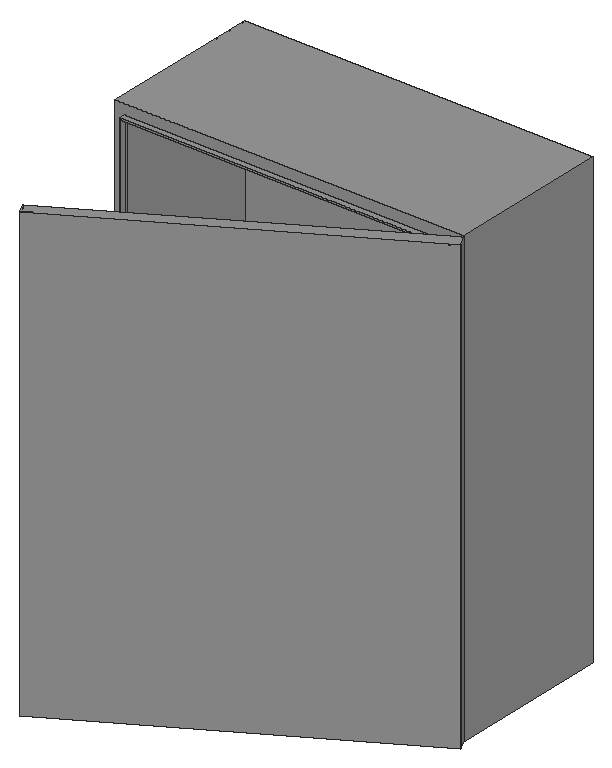
Revit family "Hager-Orion_Inox-IP65-D250-Cl.I-Inox_encl-630A-650mm-NoHosted-IT-it", category Equipement électrique, Revit 2020
Family settings
  Configuration du panneau = Deux colonnes, circuits au sein
  Cote de connecteur circulaire = Utiliser le diamètre
  Type d'élément = Tableau de raccordement
  Basée sur le plan de construction = Oui
  Toujours verticalement = Oui
  Couper avec des vides une fois chargée = Non
  Partagée = Non
  Point de calcul de pièce = Non
Parameters (values of type "incassato IP65 L500 A650 P250  - FL721BW")
  Width Control [instance] = if([EF000008 - Larghezza] > Min Width, [EF000008 - Larghezza], Min Width)  # 500 mm
  Commentaires du type = [HG000003 - Gamma]  # "Orion Inox"
  Thickness Door [instance] = if([EF009171 - spessore materiale porta/coperchio] > 3 mm, 3 mm, [EF009171 - spessore materiale porta/coperchio])  # 1.5 mm
  Seal Frame Offset [instance] = 17 mm  # constant formula
  Min Width [instance] = 100 mm  # constant formula
  Min Depth [instance] = (2 * [EF009170 - spessore materiale scatola]) + 1 mm  # 3.4 mm
  Min Height [instance] = 100 mm  # constant formula
  Internal Frame Depth [instance] = -(Door System Depth * 0.5)  # -9 mm
  Panel Name [instance] = ""  # (empty or 0)
  Model = ""
  HG000027 - Altezza dello zoccolo = 0 mm
  HG000026 - A pavimento = no
  HG000024 - Altezza della sezione inferiore = 600 mm
  HG000023 - Custodia a doppia sezione = no
  HG000016 - Visibilità delle porte nella vista 3D [instance] = yes
  HG000015 - Visibilità attraverso la porta [instance] = no
  HG000014 - Porta destra [instance] = yes
  HG000013 - Porta sinistra [instance] = not([HG000014 - Porta destra])  # no
  HG000012 - Angolo di apertura della porta [instance] = 30.00°
  HG000010 - Porte asimmetriche = no
  HG000009 - Porta doppia a battente = no
  HG000006 - Ad incasso = yes
  HG000004 - Codice produttore = "FL721BW"
  HG000003 - Gamma = "Orion Inox"
  HG000002 - Con porta = yes
  Frame Offset Bottom [instance] = 10 mm  # constant formula
  Frame Offset [instance] = 15 mm  # constant formula
  EF015940 - Coprire con rilascio di sovrapressione = no
  EF011959 - tipo di protezione (NEMA) = ""
  EF009554 - numero delle aperture per la piastra della flangia = 2
  EF009212 - esecuzione coperchio = "EV009916 - con taglio"
  EF009171 - spessore materiale porta/coperchio = 1.5 mm
  EF009170 - spessore materiale scatola = 1.2 mm
  EF008873 - corrente nominale (In) = 630 A
  EF007800 - adatto per parafulmine = no
  EF006306 - con serratura = yes
  EF006244 - coperchio/porta trasparente = no
  EF005474 - grado di protezione (IP) = "EV006421 - IP65"
  EF004464 - tipo di porta = "EV002646 - singolo"
  EF004427 - numero di moduli = 0
  EF004293 - resistenza agli urti = "EV008784 - IK10"
  EF003532 - adatto per uso esterno = yes
  EF002950 - Numero moduli DIN = 0
  EF001613 - Integrità del circuito = ""
  EF001596 - Attacco Lampada = "EV000166 - acciaio inossidabile"
  EF001131 - profondità interna = 250 mm
  EF001088 - possibilità di applicazione = no
  EF000437 - numero di ingressi per conduttori = 2
  EF000339 - tipo di copertura = "EV004216 - porta"
  EF000266 - numero di file = 0
  EF000218 - profondità di incasso = 0 mm
  EF000118 - con piastra di montaggio = yes
  EF000116 - numero RAL = ""
  EF000049 - profondità = 250 mm
  EF000040 - Altezza = 650 mm
  EF000008 - Larghezza = 500 mm
  EF000007 - colore = "EV000154 - altri"
  EF000003 - Tipo di montaggio = "EV001247 - apparente/incassato"
  Door System Leaf Tolerance [instance] = 1.5 mm  # constant formula
  Door System Depth [instance] = 18 mm  # constant formula
  Description = ""
  Default Elevation = 1219.2 mm
  Connector Offset [instance] = Height Control / 2  # 325 mm
  Fabricant = "Hager"  # constant formula
  Height Control [instance] = if([EF000040 - Altezza] > Min Height, [EF000040 - Altezza], Min Height)  # 650 mm
  Depth Control [instance] = if([EF000049 - profondità] > Min Depth, [EF000049 - profondità], Min Depth)  # 250 mm
Types (2, lengths in mm): name | HG000006 - Ad incasso
  apparente IP65 L500 A650 P250  - FL721BW | no
  incassato IP65 L500 A650 P250  - FL721BW | yes
Reference planes
  plane 1 "Center (Front/Back)": y = 0
  plane 2: z = 0
  plane 3 "Center (Left/Right)": x = 0
  plane 4: y = 0
  plane 5: y = 0
  plane 6: z = 0
  plane 7: x = -250
  plane 8: x = 250
  plane 9: x = 248.8
  plane 10: x = -248.8
  plane 11: z = 0
  plane 12: z = 1.2
  plane 13: y = -250
  plane 14: y = -1.2
  plane 15: x = 0
  plane 16: y = -232
  plane 17: y = -248.8
  plane 18: y = -230.8
  plane 19: x = -233.8
  plane 20: x = 233.8
  plane 21: z = 11.2
  plane 22: x = -233
  plane 23: x = 233
  plane 24: z = 0
  plane 25: z = 650
  plane 26: z = 650
  plane 27: z = 633.8
  plane 28: z = 648.8
Forms (mm)
  Extrusion 1, solid, material "Hager_Stainless_Steel", detail levels medium+fine
    sketch origin (-208.679, -4572, 0) x (-1, 0, 0) y (0, -1, 0)
      loop
        line (41.321, -4340) -> (-458.679, -4340) -> (-458.679, -4572) -> (41.321, -4572) -> (41.321, -4340)
    from 0 to 650
  Extrusion 2, void
    sketch origin (-350.771, -250, 1219.2) x (1, 0, 0) y (0, 0, 1)
      loop
        line (101.971, -570.4) -> (101.971, -1218) -> (599.571, -1218) -> (599.571, -570.4) -> (101.971, -570.4)
    from -19.2 to -248.8
  Extrusion 3, void
    sketch origin (-290.084, -232, 1219.2) x (1, 0, 0) y (0, 0, 1)
      loop
        line (56.284, -1208) -> (523.884, -1208) -> (523.884, -585.4) -> (56.284, -585.4) -> (56.284, -1208)
    from 0 to -1.2
  Extrusion 4, solid, material "Hager_Stainless_Steel", detail levels fine
    sketch origin (-290.084, -232, 1219.2) x (-1, 0, 0) y (0, 0, 1)
      loop
        line (-523.884, -1208) -> (-56.284, -1208) -> (-56.284, -585.4) -> (-523.884, -585.4) -> (-523.884, -1208)
      loop
        line (-525.384, -1209.5) -> (-54.784, -1209.5) -> (-54.784, -583.9) -> (-525.384, -583.9) -> (-525.384, -1209.5)
    from 0 to -9 <- "Internal Frame Depth"
  Extrusion 5, solid, material "Hager_Stainless_Steel", detail levels coarse
    sketch origin (0, 0, 0) x (1, 0, 0) y (0, 1, 0)
      loop
        line (-250, 0) -> (-250, -250) -> (250, -250) -> (250, 0) -> (-250, 0)
    from 0 to 650 <- "Height Control"
Cuts and joins
  Extrusion 2, Extrusion 3 cuts Extrusion 1
Lines and regions (mm)
  Masking region 1
    outline origin (0, 0, 0) x (1, 0, 0) y (0, 1, 0)
      loop
        line (-250, 0) -> (-250, -250) -> (250, -250) -> (250, 0) -> (-250, 0)
  Masking region 2
    outline origin (-290.084, -232, 1219.2) x (-1, 0, 0) y (0, 0, 1)
      loop
        line (-540.084, -1219.2) -> (-40.084, -1219.2) -> (-40.084, -569.2) -> (-540.084, -569.2) -> (-540.084, -1219.2)
  Masking region 3, detail levels coarse
    outline origin (0, 0, 0) x (0, 1, 0) y (0, 0, 1)
      loop
        line (0, 0) -> (0, 650) -> (-250, 650) -> (-250, 0) -> (0, 0)
  Masking region 4, detail levels medium+fine
    outline origin (0, 0, 594.038) x (0, 1, 0) y (0, 0, 1)
      loop
        line (0, -594.038) -> (0, 55.962) -> (-232, 55.962) -> (-232, -594.038) -> (0, -594.038)
Dimensions and locks
  locked: plane 1 "Center (Front/Back)" to plane 5
  "EF009170 - spessore materiale scatola": plane 7 to plane 10
  "EF009170 - spessore materiale scatola": plane 8 to plane 9
  equal spacing: plane 7, plane 3 "Center (Left/Right)", plane 8
  "Width Control": plane 7 to plane 8
  "Depth Control": plane 4 to plane 13
  "EF009170 - spessore materiale scatola": plane 4 to plane 14
  "Height Control": plane 25 to level
  "EF009170 - spessore materiale scatola": plane 12 to plane 11
  "EF009170 - spessore materiale scatola": plane 17 to plane 13
  "EF009170 - spessore materiale scatola": plane 18 to plane 16
  "Frame Offset Bottom": plane 21 to plane 12
  "Frame Offset": plane 10 to plane 19
  "Frame Offset": plane 9 to plane 20
  "Door System Depth": plane 16 to plane 13
  "Seal Frame Offset": plane 7 to plane 22
  "Seal Frame Offset": plane 8 to plane 23
  "EF009170 - spessore materiale scatola": plane 26 to plane 28
  "Frame Offset": plane 28 to plane 27
  "Connector Offset": plane 2 to connector elem
  "Thickness Door": cut or joined group of Extrusion 1, Extrusion 2, Extrusion 3 to Extrusion 4 sketch curve
  "Thickness Door": Extrusion 4 sketch curve to plane 19
  "Thickness Door": Extrusion 4 sketch curve to plane 20
  "Thickness Door": Extrusion 4 sketch curve to plane 27
  aligned and locked: Extrusion 2 sketch curve to plane 12
  aligned and locked: Extrusion 2 sketch curve to plane 9
  aligned and locked: Extrusion 2 sketch curve to plane 10
  aligned and locked: plane 14 to Extrusion 2
  aligned and locked: plane 4 to Extrusion 1 sketch curve
  aligned and locked: plane 8 to Extrusion 1 sketch curve
  aligned and locked: plane 7 to Extrusion 1 sketch curve
  aligned and locked: Extrusion 2 to plane 18
  aligned and locked: Extrusion 3 sketch curve to plane 19
  aligned and locked: plane 20 to Extrusion 3 sketch curve
  aligned and locked: Extrusion 3 to Extrusion 2
  aligned and locked: Extrusion 3 sketch curve to plane 21
  aligned and locked: plane 3 "Center (Left/Right)" to nested 1
  aligned and locked: Extrusion 1 sketch curve to plane 16
  aligned and locked: Masking region 1 sketch curve to plane 7
  aligned and locked: Masking region 1 sketch curve to plane 5
  aligned and locked: Masking region 1 sketch curve to plane 8
  aligned and locked: Masking region 2 sketch curve to level
  aligned and locked: level to Masking region 3 sketch curve
  aligned and locked: plane 1 "Center (Front/Back)" to Masking region 3 sketch curve
  aligned and locked: plane 13 to Masking region 3 sketch curve
  aligned and locked: Masking region 2 sketch curve to plane 8
  aligned and locked: Masking region 2 sketch curve to plane 7
  aligned and locked: plane 7 to nested 2
  aligned and locked: nested 2 to plane 5
  aligned and locked: plane 5 to Masking region 4 sketch curve
  aligned and locked: plane 26 to Masking region 4 sketch curve
  aligned and locked: Extrusion 5 sketch curve to plane 8
  aligned and locked: Extrusion 5 sketch curve to plane 7
  aligned and locked: Extrusion 5 sketch curve to plane 5
  aligned and locked: Extrusion 3 sketch curve to plane 27
  aligned and locked: Extrusion 2 sketch curve to plane 28
  aligned and locked: Extrusion 4 sketch curve to plane 27
  aligned and locked: Extrusion 4 sketch curve to plane 20
  aligned and locked: Extrusion 4 sketch curve to plane 21
  aligned and locked: Extrusion 4 sketch curve to plane 19
  aligned and locked: Masking region 2 to plane 25
  aligned and locked: Masking region 4 sketch curve to plane 24
  aligned and locked: Masking region 1 to plane 13
  aligned and locked: nested 1 to plane 16
  aligned and locked: Masking region 3 to plane 25
  aligned and locked: Masking region 4 sketch curve to plane 16
  aligned and locked: plane 24 to plane 11
  aligned and locked: plane 26 to plane 25
  aligned and locked: level to plane 24
  aligned and locked: Extrusion 1 to Masking region 3
  aligned and locked: level to nested 1
Automatic sketch dimensions
  Extrusion 5 sketch curve to plane 13 = 0 mm
  plane 27 to Masking region 2 sketch curve = 16.2 mm
  plane 27 to Masking region 3 sketch curve = 16.2 mm
  Masking region 1 sketch curve to plane 13 = 0 mm
  Extrusion 3 sketch curve to plane 21 = 0 mm
  plane 19 to Extrusion 3 sketch curve = 0 mm
  Extrusion 3 sketch curve to plane 20 = 0 mm
Nested families
  nested 1: "EC000058_OrionInox_Door" at (0, -232, 0), Double <- "HG000009 - Porta doppia a battente", Transparent <- "EF006244 - coperchio/porta trasparente", Angle <- "HG000012 - Angolo di apertura della porta", Door_Right <- "HG000014 - Porta destra", Assymetrical <- "HG000010 - Porte asimmetriche", Door <- "HG000002 - Con porta", Width_Ctrl <- "Width Control", 3d_Door <- "HG000016 - Visibilità delle porte nella vista 3D", Clearance <- "HG000015 - Visibilità attraverso la porta", Door_Left <- "HG000013 - Porta sinistra", Width <- "Width Control", Door_Depth <- "Door System Depth", Leaf_Tolerance <- "Door System Leaf Tolerance", Height <- "Height Control", Thickness <- "Thickness Door", type "EC000058_OrionInox_Door", detail levels medium+fine
    with min_wh 4 mm, Width_Ctrl 500 mm, Width 500 mm, Transparent no, Thickness 1.5 mm, Seal_Material Hager_Rubber, Leaf_Width 500 mm, Leaf_Tolerance_External_Sides 0 mm, Leaf_Tolerance 1.5 mm, Leaf_Offset 0 mm, Leaf_Height 647 mm, Leaf_2_Width 500 mm, Leaf_2_Offset 250 mm, Leaf_1_Width 500 mm, Leaf_1_Offset 250 mm, Height_Ctrl 650 mm, Height 650 mm, Glass_Material Hager_Glass, Double_Clearance_Ctrl no, Double no, Door_Right_Ctrl yes, Door_Right yes, Door_Material Hager_Stainless_Steel, Door_Left_Ctrl no, Door_Left no, Door_Depth 18 mm, Door yes, Clearance_Material Hager_Clearance, Clearance_Depth 500 mm, Clearance_Ctrl no, Clearance no, Assymetrical no, Angle 30.00°, 3d_Door yes
  nested 2: "Hager_Enclosure_Symbol" at (-250, 0, 0), Height <- "Depth Control", Width <- "Width Control", type "Hager_Enclosure_Symbol"
    with Width_Ctrl 500 mm, Width 500 mm, Height_Ctrl 250 mm, Height 250 mm, A_Width_Int 16.406 mm, A_Width 196.875 mm, A_Height_Ctrl 218.75 mm, A_Height 218.75 mm
Connectors
  electrical at (0, 0, 325)
    settings: on plane 1 "Center (Front/Back)", index 1, voltage 0 V, apparent load 0 VA, apparent load phase1 0 VA, apparent load phase2 0 VA, apparent load phase3 0 VA, power factor 1, load classification "Other", number of poles 1, system type 30, power factor state 1, is connector primary yes, connector utility no, sub classification motor no, connector description ""
Definition of nested family "EC000058_OrionInox_Door"
  Parameters (values of type "EC000058_OrionInox_Door")
    min_wh [instance] = (2 * Thickness) + 1 mm  # 11 mm
    Width_Ctrl [instance] = 400 mm
    Width [instance] = 500 mm
    Transparent [instance] = yes
    Thickness [instance] = 5 mm
    Seal_Material [instance] = none
    Leaf_Width [instance] = if((Width_Ctrl - 2 * Leaf_Tolerance_External_Sides) > 0 mm, (Width_Ctrl - 2 * Leaf_Tolerance_External_Sides), min_wh)  # 400 mm
    Leaf_Tolerance_External_Sides [instance] = 0 mm  # constant formula
    Leaf_Tolerance [instance] = 1.5 mm
    Leaf_Offset [instance] = 0 mm  # constant formula
    Leaf_Height [instance] = if((Height_Ctrl - 2 * Leaf_Tolerance) > 0 mm, (Height_Ctrl - 2 * Leaf_Tolerance), min_wh)  # 497 mm
    Leaf_2_Width [instance] = if(and(and(Double, Assymetrical), Door_Left), (Leaf_Width / 3) - (Leaf_Tolerance / 2), if(and(and(Double, Assymetrical), Door_Right), (Leaf_Width / 3) * 2 - (Leaf_Tolerance / 2), if(and(Double, not(Assymetrical)), (Leaf_Width / 2) - Leaf_Tolerance, Leaf_Width)))  # 400 mm
    Leaf_2_Offset [instance] = if(and(Double, Assymetrical), Leaf_2_Width / 2, if(and(Double, not(Assymetrical)), Leaf_Width / 4, Leaf_Width / 2))  # 200 mm
    Leaf_1_Width [instance] = if(and(and(Double, Assymetrical), Door_Right), (Leaf_Width / 3) - (Leaf_Tolerance / 2), if(and(and(Double, Assymetrical), Door_Left), (Width / 3) * 2 - (Leaf_Tolerance / 2), if(and(Double, not(Assymetrical)), (Leaf_Width / 2) - Leaf_Tolerance, Leaf_Width)))  # 400 mm
    Leaf_1_Offset [instance] = if(and(Double, Assymetrical), Leaf_1_Width / 2, if(and(Double, not(Assymetrical)), Leaf_Width / 4, Leaf_Width / 2))  # 200 mm
    Height_Ctrl [instance] = if(Height > min_wh, Height, min_wh)  # 500 mm
    Height [instance] = 500 mm
    Glass_Material [instance] = none
    Double_Clearance_Ctrl [instance] = and(Double, Clearance)  # no
    Double [instance] = no
    Door_Right_Ctrl [instance] = and(or(Door_Right, Double), Door)  # yes
    Door_Right [instance] = yes
    Door_Material [instance] = none
    Door_Left_Ctrl [instance] = and(or(Door_Left, Double), Door)  # no
    Door_Left [instance] = no
    Door_Depth [instance] = 30 mm
    Door [instance] = yes
    Default Elevation = 1219.2 mm
    Clearance_Material [instance] = none
    Clearance_Depth [instance] = if(Leaf_1_Width > Leaf_2_Width, Leaf_1_Width, Leaf_2_Width)  # 400 mm
    Clearance_Ctrl [instance] = and(not(Double), Clearance)  # yes
    Clearance [instance] = yes
    Assymetrical [instance] = yes
    Angle [instance] = 30.00°
    3d_Door [instance] = yes
  Reference planes
    plane 1 "Center (Front/Back)": y = 0
    plane 2 "Bottom": z = 0
    plane 3 "Center (Left/Right)": x = 0
    plane 4: z = 500
    plane 5: x = -200
    plane 6: x = 200
    plane 7: z = 500
    plane 8: x = -200
    plane 9: z = 0
    plane 10: x = 200
    plane 11: y = 0
    plane 12: z = 1.5
    plane 13: x = -600
    plane 14: y = -400
    plane 15: x = 600
    plane 16: x = 0
    plane 17: x = 0
    plane 18: x = -200
    plane 19: x = 200
    plane 20: z = 498.5
  Forms (mm)
    Extrusion 1, solid, material <- "Clearance_Material", visible <- "Double_Clearance_Ctrl"
      sketch origin (1200, 0, 0) x (1, 0, 0) y (0, 0, -1)
        loop
          line (-1800, -498.5) -> (-600, -498.5) -> (-600, 0) -> (-1800, 0) -> (-1800, -498.5)
      from 0 to -400
  Dimensions and locks
    equal spacing: plane 5, plane 3 "Center (Left/Right)", plane 6
    "Width_Ctrl": plane 5 to plane 6
    "Leaf_Offset": plane 5 to plane 8
    "Leaf_Offset": plane 6 to plane 10
    "Leaf_Offset": plane 9 to level
    "Leaf_Offset": plane 4 to plane 7
    "Height_Ctrl": plane 4 to level
    "Leaf_Tolerance": plane 12 to plane 9
    locked: plane 11 to plane 1 "Center (Front/Back)"
    "Leaf_1_Offset": plane 18 to plane 16
    "Leaf_2_Offset": plane 17 to plane 19
    "Leaf_1_Width": plane 13 to plane 8
    "Leaf_2_Width": plane 10 to plane 15
    "Clearance_Depth": plane 14 to plane 1 "Center (Front/Back)"
    "Leaf_Tolerance_External_Sides": plane 8 to plane 18
    "Leaf_Tolerance_External_Sides": plane 19 to plane 10
    "Leaf_Tolerance": plane 7 to plane 20
    aligned and locked: level to plane 2 "Bottom"
    aligned and locked: nested 1 to plane 16
    aligned and locked: nested 2 to plane 17
    aligned and locked: Extrusion 1 to plane 13
    aligned and locked: plane 15 to Extrusion 1
    aligned and locked: Extrusion 1 to plane 14
    aligned and locked: plane 12 to nested 1
    aligned and locked: nested 2 to plane 12
    aligned and locked: Extrusion 1 to plane 11
    aligned and locked: plane 20 to Extrusion 1
    aligned and locked: nested 2 to plane 11
    aligned and locked: nested 1 to plane 11
  Automatic sketch dimensions
    Extrusion 1 sketch curve to level = 0 mm
    plane 5 to Extrusion 1 sketch curve = 400 mm
    plane 6 to Extrusion 1 sketch curve = 400 mm
    Extrusion 1 sketch curve to plane 4 = 1.5 mm
  Nested families
    nested 1: "EC000058_OrionInox_Door_Leaf" at (0, 0, 1.5), Width <- "Leaf_1_Width", visible <- "Door_Left_Ctrl", Leaf_Height <- "Leaf_Height", Angle <- "Angle", 3d_Door <- "3d_Door", Transparent <- "Transparent", Clearance Material <- "Clearance_Material", Clearance <- "Clearance_Ctrl", Door_Material <- "Door_Material", Glass_Material <- "Glass_Material", Door_Depth <- "Door_Depth", Seal_Material <- "Seal_Material", Thickness <- "Thickness", type "EC000058_OrionInox_Door_Leaf"
      with Width 400 mm, Transparent_Ctrl yes, Transparent yes, Thickness 5 mm, Standard no, Seal_Material none, Seal_D2 8 mm, Seal_D1 1 mm, Offset_Internal_Frame 10 mm, Lock_Width 28 mm, Lock_Thickness 2 mm, Lock_Radius 6 mm, Leaf_Height 497 mm, Internal_Seal_Thickness 8 mm, Internal_Seal_Depth_2 4.5 mm, Internal_Frame_Depth 25 mm, Glass_Thickness -1 mm, Glass_Offset -2 mm, Glass_Material none, Door_Material none, Door_Depth 30 mm, Clearance Material none, Clearance yes, Angle_Ctrl 30.00°, Angle 30.00°, 3d_Door yes
    nested 2: "EC000058_OrionInox_Door_Leaf" at (0, 0, 1.5) x (-1, 0, 0) z (0, 0, 1), Width <- "Leaf_2_Width", visible <- "Door_Right_Ctrl", Leaf_Height <- "Leaf_Height", Angle <- "Angle", 3d_Door <- "3d_Door", Transparent <- "Transparent", Clearance Material <- "Clearance_Material", Clearance <- "Clearance_Ctrl", Door_Material <- "Door_Material", Glass_Material <- "Glass_Material", Door_Depth <- "Door_Depth", Seal_Material <- "Seal_Material", Thickness <- "Thickness", type "EC000058_OrionInox_Door_Leaf"
      with Width 400 mm, Transparent_Ctrl yes, Transparent yes, Thickness 5 mm, Standard no, Seal_Material none, Seal_D2 8 mm, Seal_D1 1 mm, Offset_Internal_Frame 10 mm, Lock_Width 28 mm, Lock_Thickness 2 mm, Lock_Radius 6 mm, Leaf_Height 497 mm, Internal_Seal_Thickness 8 mm, Internal_Seal_Depth_2 4.5 mm, Internal_Frame_Depth 25 mm, Glass_Thickness -1 mm, Glass_Offset -2 mm, Glass_Material none, Door_Material none, Door_Depth 30 mm, Clearance Material none, Clearance yes, Angle_Ctrl 30.00°, Angle 30.00°, 3d_Door yes
  Definition of nested family "EC000058_OrionInox_Door_Leaf"
    Parameters (values of type "EC000058_OrionInox_Door_Leaf")
      Width [instance] = 450 mm
      Transparent_Ctrl [instance] = and(Transparent, [3d_Door])  # yes
      Transparent [instance] = yes
      Thickness [instance] = 5 mm
      Standard [instance] = and(not(Transparent), [3d_Door])  # no
      Seal_Material [instance] = none
      Seal_D2 [instance] = 8 mm  # constant formula
      Seal_D1 [instance] = 1 mm  # constant formula
      Offset_Internal_Frame [instance] = 10 mm  # constant formula
      Lock_Width [instance] = Door_Depth - Lock_Thickness  # 28 mm
      Lock_Thickness [instance] = 2 mm  # constant formula
      Lock_Radius [instance] = 6 mm  # constant formula
      Leaf_Height [instance] = 450 mm
      Internal_Seal_Thickness [instance] = 8 mm  # constant formula
      Internal_Seal_Depth_2 [instance] = 4.5 mm  # constant formula
      Internal_Frame_Depth [instance] = if(Door_Depth - Thickness > 5 mm, Door_Depth - Thickness, 5 mm)  # 25 mm
      Glass_Thickness [instance] = if(Thickness > 15 mm, Glass_Offset + 10 mm, -1 mm)  # -1 mm
      Glass_Offset [instance] = if(Thickness > 15 mm, -(Thickness + 10 mm) / 2, -2 mm)  # -2 mm
      Glass_Material [instance] = none
      Door_Material [instance] = none
      Door_Depth [instance] = 30 mm
      Default Elevation = 0 mm
      Clearance Material [instance] = none
      Clearance [instance] = yes
      Angle_Ctrl [instance] = if(Angle > 180.00°, 180.00°, Angle)  # 90.00°
      Angle [instance] = 90.00°
      3d_Door [instance] = yes
    Reference planes
      plane 1 "Center (Front/Back)": y = 0
      plane 2: z = 0
      plane 3 "Center (Left/Right)": x = 0
      plane 4: y = 450
      plane 5: x = -225
      plane 6: x = 225
      plane 7: x = -675
      plane 8: z = 450
      plane 9: z = 30
      plane 10: z = 420
      plane 11: x = 195
      plane 12: x = -195
      plane 13: y = -3
      plane 14: z = 107.833
      plane 15: y = -5
      plane 16: y = -223.314
      plane 17: x = -225
      plane 18: y = 30
    Forms (mm)
      Extrusion 1, solid, material <- "Clearance Material", visible <- "Clearance"
        sketch origin (0, 0, 0) x (1, 0, 0) y (0, 0, 1)
          loop
            line (-675, 450) -> (-675, 0) -> (225, 0) -> (225, 450) -> (-675, 450)
        from 0 to -450
      Extrusion 2, solid, material <- "Door_Material", visible <- "Standard", detail levels medium+fine
        sketch origin (-225, 0, 0) x (0, 1, 0) y (-1, 0, 0)
          loop
            line (0, 30) -> (0, 25) -> (450, 25) -> (450, 30) -> (0, 30)
        from 0 to 450 <- "Leaf_Height"
      Extrusion 3, solid, material <- "Door_Material", visible <- "Transparent_Ctrl", detail levels medium+fine
        sketch origin (-225, 0, 0) x (0, 1, 0) y (-1, 0, 0)
          loop
            line (0, 25) -> (450, 25) -> (450, 30) -> (0, 30) -> (0, 25)
        from 0 to 450 <- "Leaf_Height"
      Extrusion 4, void
        sketch origin (-250, 450, 0) x (0, 1, 0) y (0, 0, -1)
          loop
            line (-30, -420) -> (-30, -30) -> (-420, -30) -> (-420, -420) -> (-30, -420)
        from 0 to 5 <- "Thickness"
      Sweep 5, solid, material <- "Seal_Material", visible <- "Transparent_Ctrl", detail levels fine
        path in 3D
          loop
            line (-250, 30, 30) -> (-250, 30, 420) -> (-250, 420, 420) -> (-250, 420, 30) -> (-250, 30, 30)
        profile origin (-250, 225, 30) x (1, 0, 0) y (0, 0, 1)
          loop
            line (0, 0) -> (0, -8) -> (1, -8) -> (1, 0) -> (0, 0)
      Extrusion 6, solid, material <- "Glass_Material", visible <- "Transparent_Ctrl", detail levels medium+fine
        sketch origin (-255, 0, 0) x (0, 1, 0) y (0, 0, -1)
          loop
            line (420, -420) -> (420, -30) -> (30, -30) -> (30, -420) -> (420, -420)
        from -2 <- "Glass_Offset" to -1 <- "Glass_Thickness"
      Extrusion 7, solid, material <- "Door_Material", visible <- "3d_Door", detail levels medium+fine
        sketch origin (-250, 450, 0) x (0, -1, 0) y (0, 0, -1)
          loop
            line (0, -450) -> (450, -450) -> (450, 0) -> (0, 0) -> (0, -450)
          loop
            line (445, -5) -> (5, -5) -> (5, -445) -> (445, -445) -> (445, -5)
        from 0 to 25 <- "Internal_Frame_Depth"
      Sweep 8, solid, material <- "Seal_Material", visible <- "Transparent_Ctrl", detail levels fine
        path in 3D
          loop
            line (-250, 0, 0) -> (-250, 450, 0) -> (-250, 450, 450) -> (-250, 0, 450) -> (-250, 0, 0)
        profile origin (-250, 0, 225) x (1, 0, 0) y (0, 1, 0)
          loop
            line (0, 10) -> (2.975, 10)
            arc (2.975, 10) -> (4.053, 10.447) -> (4.5, 11.525) r 1.525
            line (4.5, 11.525) -> (4.5, 16.527)
            arc (4.5, 16.527) -> (4.069, 17.569) -> (3.027, 18) r 1.473
            line (3.027, 18) -> (0, 18) -> (0, 10)
    Cuts and joins
      Extrusion 4 cuts Extrusion 3
    Lines and regions (mm)
      Masking region 1, detail levels medium+fine
        outline origin (0, 0, 0) x (0, 1, 0) y (0, 0, 1)
          loop
            line (0, 0) -> (30, 0) -> (30, 450) -> (0, 450) -> (0, 0)
      Masking region 2, detail levels medium+fine
        outline origin (0, 0, 0) x (1, 0, 0) y (0, 0, 1)
          loop
            line (-225, 450) -> (-225, 0) -> (225, 0) -> (225, 450) -> (-225, 450)
      symbolic lines
        curve 1: line (225, 0, 0) -> (-675, 0, 0)
        curve 2: arc (225, 0, 0) -> (-225, 450, 0) -> (-675, 0, 0) r 450
        curve 4: line (-255, 0, 0) -> (-255, 450, 0)
      reference lines
        curve 3: line (-225, 0, 0) -> (-225, 450, 0)
      symbolic lines, detail levels medium+fine
        curve 5: line (-255, 450, 0) -> (-250, 450, 0)
        curve 7: line (-250, 0, 0) -> (-255, 0, 0)
        curve 8: line (-250, 0, 0) -> (-225, 0, 0)
        curve 9: line (-225, 0, 0) -> (-225, 450, 0)
        curve 10: line (-225, 450, 0) -> (-250, 450, 0)
      symbolic lines, detail levels fine
        curve 6: line (-250, 450, 0) -> (-250, 0, 0)
      sketch lines
        curve 11: line (-250, 0, 450) -> (-250, 0, 0)
        curve 12: line (-250, 450, 0) -> (-250, 0, 0)
        curve 13: line (-250, 450, 450) -> (-250, 450, 0)
        curve 14: line (-250, 0, 450) -> (-250, 450, 450)
        curve 15: line (-250, 420, 30) -> (-250, 30, 30)
        curve 16: line (-250, 30, 30) -> (-250, 30, 420)
        curve 17: line (-250, 420, 420) -> (-250, 420, 30)
        curve 18: line (-250, 30, 420) -> (-250, 420, 420)
      symbolic lines, visible <- "Transparent", detail levels medium+fine
        curve 19: line (-195, 0, 420) -> (195, 0, 420)
        curve 20: line (-195, 0, 30) -> (-195, 0, 420)
        curve 21: line (195, 0, 30) -> (-195, 0, 30)
        curve 22: line (195, 0, 420) -> (195, 0, 30)
    Dimensions and locks
      "Width": plane 1 "Center (Front/Back)" to plane 4
      equal spacing: plane 5, plane 3 "Center (Left/Right)", plane 6
      "Width": plane 5 to plane 6
      "Width": plane 7 to plane 5
      "Leaf_Height": plane 8 to level
      "Width": curve 5 to curve 3
      "Width": curve 3 to curve 3
      plane 8 to plane 10 = 30 mm
      plane 9 to level = 30 mm
      plane 12 to plane 5 = 30 mm
      plane 6 to plane 11 = 30 mm
      Extrusion 4 sketch curve to Extrusion 3 = 30 mm
      Extrusion 3 to Extrusion 4 sketch curve = 30 mm
      Extrusion 1 to Extrusion 4 sketch curve = 30 mm
      curve 3 to Extrusion 4 sketch curve = 30 mm
      Extrusion 4 sketch curve to cut or joined group of Extrusion 3, Extrusion 4 = 30 mm
      cut or joined group of Extrusion 3, Extrusion 4 to Extrusion 6 sketch curve = 30 mm
      cut or joined group of Extrusion 3, Extrusion 4 to Extrusion 4 sketch curve = 30 mm
      "Thickness": curve 6 to curve 4
      "Thickness": Extrusion 7 sketch curve to Extrusion 7 sketch curve  (x4)
      "Door_Depth": curve 4 to curve 3
      "Offset_Internal_Frame": profile plane to Sweep 8 sketch curve
      "Internal_Seal_Thickness": Sweep 8 sketch curve to Sweep 8 sketch curve
      "Internal_Seal_Depth_2": profile plane to Sweep 8 sketch curve
      "Seal_D1": profile plane to Sweep 5 sketch curve
      "Seal_D2": profile plane to Sweep 5 sketch curve
      "Thickness": Extrusion 2 sketch curve to Extrusion 2 sketch curve
      "Door_Depth": plane 18 to plane 1 "Center (Front/Back)"
      radius of Sweep 8 sketch curve = 1.525 mm
      radius of Sweep 8 sketch curve = 1.473 mm
      "Angle_Ctrl": angle plane 1 "Center (Front/Back)" to curve 3
      aligned and locked: level to plane 2
      aligned and locked: Extrusion 1 to curve 1
      aligned and locked: plane 6 to Extrusion 1
      aligned and locked: plane 1 "Center (Front/Back)" to Extrusion 1
      aligned and locked: plane 4 to Extrusion 1
      aligned and locked: plane 8 to Extrusion 1
      aligned and locked: curve 7 to Extrusion 2 sketch curve
      aligned and locked: curve 5 to Extrusion 2 sketch curve
      aligned and locked: curve 7 to Extrusion 3 sketch curve
      aligned and locked: Extrusion 3 sketch curve to curve 4
      aligned and locked: Extrusion 3 sketch curve to curve 6
      aligned and locked: Extrusion 3 sketch curve to curve 5
      aligned and locked: curve 9 to curve 3
      aligned and locked: Extrusion 7 sketch curve to cut or joined group of Extrusion 3, Extrusion 4  (x4)
      aligned and locked: plane 17 to curve 3
      aligned and locked: plane 1 "Center (Front/Back)" to curve 3
      aligned and locked: plane 17 to plane 5
      aligned and locked: Sweep 8 sketch curve to profile plane
      aligned and locked: Sweep 5 sketch curve to profile plane  (x2)
      aligned and locked: plane 1 "Center (Front/Back)" to Masking region 1 sketch curve
      aligned and locked: plane 18 to Masking region 1 sketch curve
      aligned and locked: level to Masking region 1 sketch curve
      aligned and locked: Masking region 1 sketch curve to plane 8
      aligned and locked: plane 17 to Masking region 2 sketch curve
      aligned and locked: level to Masking region 2 sketch curve
      aligned and locked: Masking region 2 sketch curve to plane 8
      aligned and locked: plane 12 to curve 20
      aligned and locked: plane 10 to curve 19
      aligned and locked: plane 11 to curve 22
      aligned and locked: plane 9 to curve 21
      aligned and locked: Extrusion 2 sketch curve to cut or joined group of Extrusion 3, Extrusion 4
    Automatic sketch dimensions
      plane 1 "Center (Front/Back)" to curve 2 = 0 mm
      curve 2 to plane 5 = 0 mm
      Extrusion 1 sketch curve to level = 0 mm
      Extrusion 1 sketch curve to plane 7 = 0 mm
      Extrusion 1 sketch curve to plane 6 = 0 mm
      Extrusion 1 sketch curve to plane 8 = 0 mm
      Extrusion 3 to Extrusion 6 sketch curve = 30 mm  (x4)
      Masking region 2 sketch curve to plane 6 = 0 mm
      curve 4 to curve 3 = 0 mm
Definition of nested family "Hager_Enclosure_Symbol"
  Parameters (values of type "Hager_Enclosure_Symbol")
    Width_Ctrl [instance] = if(Width > 1 mm, Width, 1 mm)  # 102.27 mm
    Width [instance] = 102.27 mm
    Height_Ctrl [instance] = if(Height > 1 mm, Height, 1 mm)  # 66.5 mm
    A_Width_Int [instance] = if(A_Width / 12 > 2 mm, A_Width / 12, 2 mm)  # 4.364 mm
    A_Width [instance] = if(A_Height_Ctrl * 0.9 > 2 mm, A_Height_Ctrl * 0.9, 2 mm)  # 52.369 mm
    A_Height_Ctrl [instance] = if(A_Height > 2 mm, A_Height, 2 mm)  # 58.188 mm
    Height [instance] = 66.5 mm
    A_Height [instance] = Height - (Height / 8)  # 58.188 mm
  Reference planes
    plane 1 "Centre (avant/arrière)": y = 0
    plane 2: z = 0
    plane 3 "Centre (gauche/droite)": x = 0
    plane 4: x = 52.369
    plane 5: y = 33.042
    plane 6: y = 41.77
    plane 7: y = 66.5
    plane 8: x = 26.184
    plane 9: y = 37.406
    plane 10: x = 102.27
    plane 11: y = 66.5
    plane 12: y = 8.313
  Lines and regions (mm)
    Filled region 1, type "Solid_Black", in view "Niveau de réf."
      outline origin (0, 0, 0) x (1, 0, 0) y (0, 1, 0)
        loop
          line (52.369, 66.5) -> (33.188, 54.536) -> (45.365, 45.006) -> (52.369, 66.5)
    Filled region 2, type "Solid_Black", in view "Niveau de réf."
      outline origin (0, 0, 0) x (1, 0, 0) y (0, 1, 0)
        loop
          line (0, 0) -> (102.27, 0) -> (102.27, 66.5) -> (0, 0)
    detail lines, in view "Niveau de réf."
      curve 1: line (0, 8.313, 0) -> (26.184, 41.77, 0)
      curve 2: line (26.184, 41.77, 0) -> (26.184, 33.042, 0)
      curve 3: line (26.184, 33.042, 0) -> (52.369, 66.5, 0)
  Dimensions and locks
    "A_Width": plane 3 "Centre (gauche/droite)" to plane 4
    equal spacing: plane 3 "Centre (gauche/droite)", plane 8, plane 4
    equal spacing: plane 6, plane 9, plane 5
    equal spacing: curve 3, Filled region 1 sketch curve, Filled region 1 sketch curve
    "Height_Ctrl": plane 1 "Centre (avant/arrière)" to plane 11
    "A_Height_Ctrl": plane 11 to plane 12
    equal spacing: plane 11, plane 9, plane 12
    "A_Width_Int": plane 6 to plane 9
    "Width_Ctrl": plane 3 "Centre (gauche/droite)" to plane 10
    angle Filled region 1 sketch curve to curve 3 = 20.00°
    angle curve 3 to Filled region 1 sketch curve = 20.00°
    locked: curve 3 to Filled region 1 sketch curve (angle 90.00°)
    aligned and locked: plane 10 to Filled region 2
    aligned and locked: plane 11 to Filled region 2 sketch curve
    aligned and locked: plane 10 to Filled region 2 sketch curve
    aligned and locked: plane 3 "Centre (gauche/droite)" to curve 1
    aligned and locked: plane 12 to curve 1
    aligned and locked: plane 7 to plane 11
  Automatic sketch dimensions
    Filled region 1 sketch curve to plane 4 = 0 mm
    Filled region 1 sketch curve to plane 7 = 0 mm
    plane 1 "Centre (avant/arrière)" to Filled region 2 sketch curve = 0 mm
    Filled region 2 sketch curve to plane 3 "Centre (gauche/droite)" = 0 mm
    curve 2 to plane 6 = 0 mm
    curve 2 to plane 8 = 0 mm
    curve 3 to plane 4 = 0 mm
    curve 2 to plane 5 = 0 mm
    curve 3 to plane 7 = 0 mm
